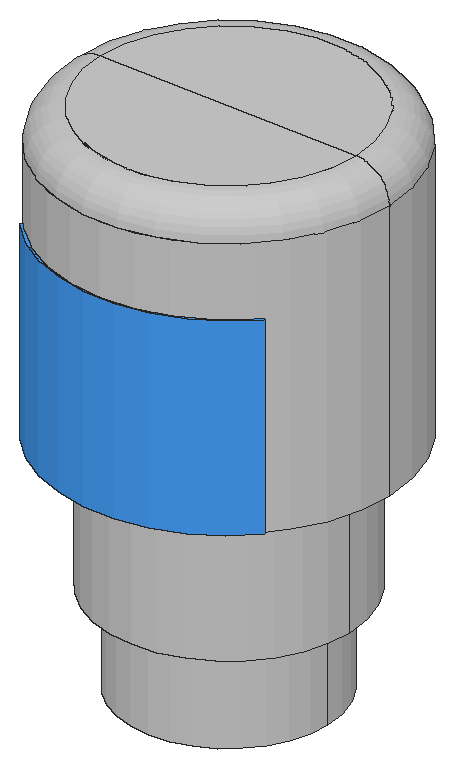
Revit family "HL_Вентиляционный клапан_HL900N", category Příslušenství trubek, Revit 2016
Family settings
  Typ součásti = Ventil – zalomení do
  Kóta kulaté spojky = Použít průměr
  Číslo OmniClass = 23.70.50.21
  Nadpis OmniClass = Liquid Waste Collection and Removal
  Založené na pracovní rovině = Ne
  Vždy vertikální = Ano
  Ořezat dutým tvarem při načtení = Ne
  Sdílené = Ne
Parameters (values of type "HL_Вентиляционный клапан_HL900N")
  РАЗМЕР = "DN50/75/110"
  ПРОПУСКНАЯ СПОСОБНОСТЬ = 0.0 m³/h
  ПРОИЗВОДИТЕЛЬНОСТЬ = "37 l/s"
  ПРАВОВАЯ ИНФОРМАЦИЯ = "\"Авторские права(©), права на дизайн или какие либо другие права интелектуальной собственности являются исключительной собственностью компании HL Hutterer & Lechner. Изменению не подлежит. Файл семейства с данными о прозводителе изделия защищен паролем с водяным знаком.\""
  НОМИНАЛЬНЫЙ ДИАМЕТР [instance] = 75 mm
  МАТЕРИАЛ = "PP"
  ВЕС = "0,485 kg"
  x [instance] = if(НОМИНАЛЬНЫЙ ДИАМЕТР = 110 mm, 45 mm, if(НОМИНАЛЬНЫЙ ДИАМЕТР = 75 mm, 45 mm, if(НОМИНАЛЬНЫЙ ДИАМЕТР = 50 mm, 45 mm, -10 mm)))  # 45 mm
  b [instance] = not(НОМИНАЛЬНЫЙ ДИАМЕТР = 110 mm)  # yes
  a [instance] = if(НОМИНАЛЬНЫЙ ДИАМЕТР = 110 mm, 194 mm, if(НОМИНАЛЬНЫЙ ДИАМЕТР = 75 mm, 235 mm, if(НОМИНАЛЬНЫЙ ДИАМЕТР = 50 mm, 235 mm, 235 mm)))  # 235 mm
  Výrobce = "HL Hutterer & Lechner GmbH"
  URL = "http://www.hutterer-lechner.com/ru/products/catalog/roof-drains/HL900N.aspx"
  Popis = "Вентиляционный клапан"
  Model = "HL900N"
  МАТЕРИАЛ 2 = Plastic - Blue
  материал = Plactic - Gray
  Komentáře k typům = "Вентиляционный клапан DN110 с вдвойне изолированной стеной и с уменьшителем DN50/75"
  Keynote = "HL900N"
  EAN = "9003076909001"
  Cena = 0
Reference planes
  plane 1 "Střed (vpředu/vzadu)": y = 0
  plane 2: z = 0
  plane 3 "Střed (vlevo/vpravo)": x = 0
  plane 4: z = 235
  plane 5: z = 135
Forms (mm)
  Revolve 1, solid, material "Plactic - Gray" <- "материал", detail levels fine
    sketch origin (0, 0, 0) x (1, 0, 0) y (0, 0, 1)
      loop
        line (0, 235) -> (0, 41) -> (54.776, 41) -> (54.776, 102.506) -> (72.803, 102.506) -> (72.803, 220.033)
        arc (72.803, 220.033) -> (68.42, 230.616) -> (57.836, 235) r 14.967
        line (57.836, 235) -> (0, 235)
      axis (0, 41) -> (0, 235)
    angle from 0 to 360
  Revolve 2, solid, material "Plactic - Gray" <- "материал", visible <- "b", detail levels fine
    sketch origin (0, 0, 0) x (1, 0, 0) y (0, 0, 1)
      loop
        line (0, 41) -> (0, 0) -> (45, 0) -> (45, 41) -> (0, 41)
      axis (0, 41) -> (0, 0)
    angle from 0 to 360
  Extrusion 3, solid, material "Plastic - Blue" <- "МАТЕРИАЛ 2", detail levels fine
    sketch origin (0, 0, 0) x (1, 0, 0) y (0, 1, 0)
      loop
        line (-54.414, -48.368) -> (-55.122, -49.076)
        arc (-55.122, -49.076) -> (0.161, -73.726) -> (55.444, -49.076) r 74.318
        line (55.444, -49.076) -> (54.736, -48.368)
        arc (54.736, -48.368) -> (0.161, -72.726) -> (-54.414, -48.368) r 73.318
    from 102.506 to 189.506
Lines and regions (mm)
  reference lines
    curve 1: line (0, 0, 235) -> (0, 0, 0)
  model lines, detail levels coarse+medium
    curve 2: line (100, 0, 135) -> (0, 0, 235)
    curve 3: line (-100, 0, 135) -> (0, 0, 235)
    curve 4: line (0, 0, 135) -> (0, 0, 0)
  symbolic lines, detail levels coarse+medium
    curve 5: line (0, 0, 0) -> (0, -50, 0)
    curve 6: line (50, -50, 0) -> (0, -100, 0)
    curve 7: line (-50, -50, 0) -> (0, -100, 0)
Dimensions and locks
  locked: plane 4 to plane 2 at 235
  "a": plane 4 to curve 1
  "x": Revolve 2 sketch curve to plane 3 "Střed (vlevo/vpravo)"
  locked: plane 4 to plane 5 at 100
  "a": plane 4 to curve 4
  aligned and locked: level to plane 2
  aligned and locked: plane 4 to curve 1
Automatic sketch dimensions
  Revolve 1 sketch curve to plane 3 "Střed (vlevo/vpravo)" = 0 mm  (x2)
  Revolve 1 sketch curve to plane 4 = 0 mm  (x2)
  plane 3 "Střed (vlevo/vpravo)" to Revolve 1 sketch curve = 54.776 mm
  Revolve 1 sketch curve to Revolve 1 sketch curve = 57.836 mm
  Revolve 1 sketch curve to Revolve 1 sketch curve = 18.027 mm
  level to Revolve 1 sketch curve = 41 mm
  Revolve 1 sketch curve to Revolve 1 sketch curve = 61.506 mm
  plane 4 to Revolve 1 sketch curve = 30 mm
  Extrusion 3 sketch curve to Extrusion 3 sketch curve = 0 mm  (x2)
  plane 3 "Střed (vlevo/vpravo)" to Extrusion 3 sketch curve = 0.161 mm
  plane 3 "Střed (vlevo/vpravo)" to Extrusion 3 sketch curve = 54.736 mm
  Extrusion 3 sketch curve to Extrusion 3 sketch curve = 0.708 mm  (x3)
  plane 1 "Střed (vpředu/vzadu)" to Extrusion 3 sketch curve = 49.076 mm
  Extrusion 3 sketch curve to plane 1 "Střed (vpředu/vzadu)" = 0.592 mm
  plane 1 "Střed (vpředu/vzadu)" to Extrusion 3 sketch curve = 48.368 mm
  curve 7 to plane 3 "Střed (vlevo/vpravo)" = 0 mm
  curve 5 to plane 3 "Střed (vlevo/vpravo)" = 0 mm
  plane 1 "Střed (vpředu/vzadu)" to curve 5 = 0 mm
  plane 3 "Střed (vlevo/vpravo)" to curve 6 = 50 mm
  plane 1 "Střed (vpředu/vzadu)" to curve 5 = 50 mm
  plane 1 "Střed (vpředu/vzadu)" to curve 6 = 50 mm
  curve 7 to curve 5 = 50 mm
  plane 1 "Střed (vpředu/vzadu)" to curve 7 = 50 mm
  curve 3 to plane 5 = 0 mm
  curve 2 to plane 3 "Střed (vlevo/vpravo)" = 0 mm
  curve 4 to plane 3 "Střed (vlevo/vpravo)" = 0 mm
  curve 2 to plane 5 = 0 mm
  curve 4 to plane 5 = 0 mm
  curve 3 to plane 4 = 0 mm
  curve 3 to plane 3 "Střed (vlevo/vpravo)" = 100 mm
  curve 1 to plane 3 "Střed (vlevo/vpravo)" = 0 mm
  Revolve 2 sketch curve to plane 3 "Střed (vlevo/vpravo)" = 0 mm  (x2)
  Revolve 2 sketch curve to level = 0 mm  (x2)
  level to Revolve 2 sketch curve = 41 mm
  Revolve 2 sketch curve to level = 18.615 mm
Connectors
  piping at (0, 0, 0), diameter 75, driven by "НОМИНАЛЬНЫЙ ДИАМЕТР", driven by "ПРОПУСКНАЯ СПОСОБНОСТЬ"
    settings: on curve 1, index 1, connector inside diameter 609.6 mm, connector length 0 mm, flow factor 0, pipe flow 0.0 m³/h, pressure drop 0.0 Pa, fitting loss kfactor 0, connector angle 0.00°, fixture units 0, engagement length 0 mm, angle of deflection 0.00°, flow configuration 0, flow direction 0, fitting loss method 0, system type 16, joint type 0, gender type 0, connector reference index -1, connector utility 0, adjustable connector no, is connector primary yes, connector description ""
